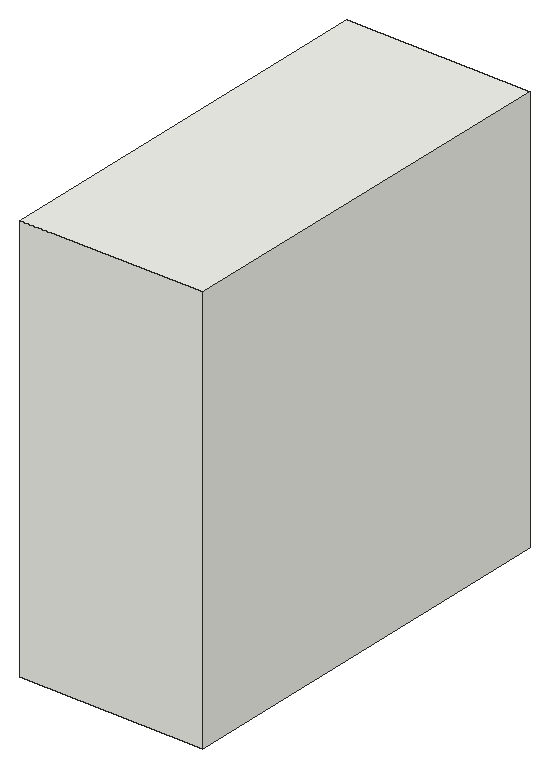
Revit family "Bucha", category Pipe Fittings, Revit 2025
Family settings
  Round Connector Dimension = Use Radius
  Part Type = Cap
  OmniClass Number = 23.60.30.11.14
  OmniClass Title = Pipework Fittings
  Work Plane-Based = No
  Always vertical = Yes
  Cut with Voids When Loaded = No
  Shared = No
Parameters
  Spigot Length [instance] = size_lookup(Lookup Table Name, "SLgt", 0.4 * Nominal Diameter + 43/64", Nominal Diameter)  # 3/4"
  Nominal Radius [instance] = 1/4"
  Nominal Diameter [instance] = Nominal Radius * 2  # 1/2"
  Loss Method = Not Defined
  Lookup Table Name = "Plug - PVC - Sch 40"
  Height [instance] = size_lookup(Lookup Table Name, "Hgt", 0.51 * Nominal Diameter + 207/256", Nominal Diameter)  # 0.938"
  Head Width [instance] = 0.5 * Fitting Outside Diameter  # 0.42"
  Head Height [instance] = Height - Spigot Length  # 0.188"
  Fitting Outside Radius [instance] = Fitting Outside Diameter / 2  # 0.42"
  Fitting Outside Diameter [instance] = size_lookup(Lookup Table Name, "FOD", 1.05 * Nominal Diameter + 19/64", Nominal Diameter)  # 0.84"
  Default Elevation = 0' - 0"
Reference planes (in)
  plane 1 "Center (Front/Back)": y = 0
  plane 2: z = 0
  plane 3 "Center (Left/Right)": x = 0
  plane 4: x = 0.188
  plane 5: y = 0.21
  plane 6: y = -0.21
  plane 7: z = 0.21
  plane 8: z = -0.21
Forms (in)
  Extrusion 1, solid, material "PVC", detail levels fine
    sketch origin (0, 0, 0) x (1, 0, 0) y (0, 1, 0)
      loop
        line (0, 0.21) -> (0, -0.21) -> (0.188, -0.21) -> (0.188, 0.21) -> (0, 0.21)
    from -0.21 to 0.21
Lines and regions (in)
  model lines, detail levels coarse+medium
    curve 1: line (0, 0.21, 0) -> (0.188, 0.21, 0)
    curve 2: line (0.188, 0.21, 0) -> (0.188, -0.21, 0)
    curve 3: line (0, -0.21, 0) -> (0.188, -0.21, 0)
Dimensions and locks (in)
  "Head Height": plane 3 "Center (Left/Right)" to plane 4
  equal spacing: plane 5, plane 1 "Center (Front/Back)", plane 6
  "Head Width": plane 5 to plane 6
  equal spacing: plane 7, plane 2, plane 8
  "Head Width": plane 7 to plane 8
  aligned and locked: Extrusion 1 sketch curve to plane 5
  aligned and locked: Extrusion 1 sketch curve to plane 4
  aligned and locked: plane 6 to Extrusion 1 sketch curve
  aligned and locked: plane 3 "Center (Left/Right)" to Extrusion 1 sketch curve
  aligned and locked: plane 7 to Extrusion 1
  aligned and locked: plane 8 to Extrusion 1
  aligned and locked: plane 3 "Center (Left/Right)" to curve 1
  aligned and locked: curve 1 to plane 5
  aligned and locked: curve 2 to plane 4
  aligned and locked: plane 5 to curve 2
  aligned and locked: plane 6 to curve 2
  aligned and locked: plane 3 "Center (Left/Right)" to curve 3
  aligned and locked: plane 4 to curve 3
  aligned and locked: curve 3 to plane 6
Connectors (in)
  piping at (0, 0, 0), diameter 0.5, driven by "Nominal Radius"
    settings: on Extrusion 1, index 1, connector inside diameter 1/2", connector length 0' - 0", flow factor 0, pipe flow 0 GPM, pressure drop 0.00 psi, fitting loss kfactor 0, connector angle 0.00°, fixture units 0, engagement length 0' - 0", angle of deflection 0.00°, flow configuration 0, flow direction 0, fitting loss method 0, system type 28, joint type 0, gender type 0, connector reference index -1, connector utility 0, adjustable connector no, is connector primary yes, connector description ""
